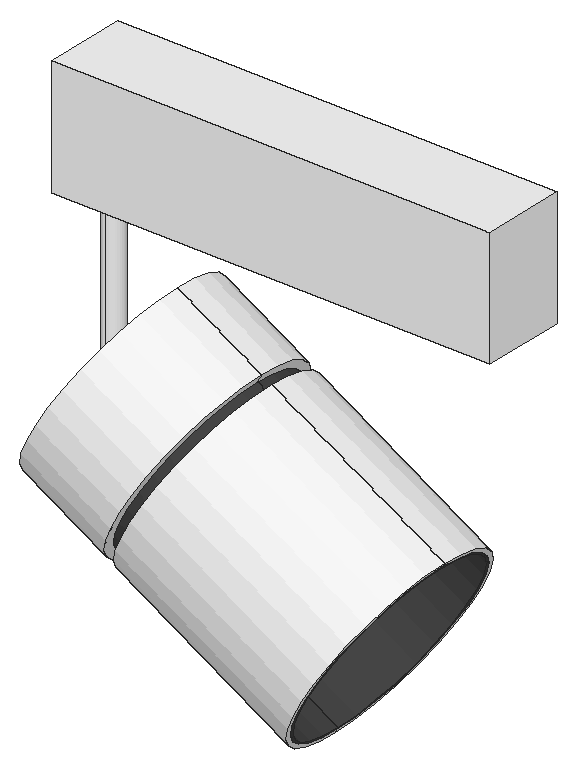
Revit family "Lighting-Track-Reggiani-Yori_95mm-30W", category Apparecchi per illuminazione, Revit 2015
Parameters (values of type "Reggiani Yori TD97 white 30 w")
  youtube = ""
  control = "Ø. = ON/OFF, D. = DALI, V. = DIMM 1-10V, T"
  Youtube clip = ""
  Weight Net (Kg) = 1.17
  Wattage = 18.6277 W
  Uniclass 2.0 Description = ""
  Uniclass 2.0 Code = ""
  Uniclass 1.4 Description = ""
  Uniclass 1.4 Code = ""
  URL to photometrics = "http://bimobject.com/en/product/downloadobjectfile?id=6dccf963-f2ee-479d-8802-8121c090509a"
  UNSPSC name = "Lighting Fixtures and Accessories"
  UNSPSC Code = "3911"
  Technical description = "http://www.reggiani.net/wp-content/plugins/icon-catalog/icon-catalog-assets/1/3/gen_file_20/yori_track.pdf"
  Region South America = "None"
  Region Oceania = "None"
  Region North America = "AG, AI, AN, AW, BB, BL, BM, BQ, BS, BZ, CA, CR, CU, CW, DM, DO, GD, GL, GP, GT, HN, HT, JM, KN, KY, LC, MF, MQ, MS, MX, NI, PA, PM, PR, SV, SX, TC, TT, US, VC, VG, VI"
  Region Middle East = "None"
  Region Europe = "AD, AL, AT, AX, BA, BE, BG, BY, CH, CS, CY, CZ, DE, DK, EE, ES, FI, FO, FR, GB, GG, GI, GR, HR, HU, IE, IM, IS, IT, JE, LI, LT, LU, LV, MC, MD, ME, MK, MT, NL, NO, PL, PT, RO, RS, RU, SE, SI, SJ, SK, SM, UA, VA, XK"
  Region Asia = "None"
  Region Antarctica = "None"
  Region Africa = "None"
  QR code = "http://bimobject.com/reggiani/product/yori_track_95"
  Product group = "Yori"
  Product family = "Track fixture"
  Product data url = "http://bimobject.com/reggiani/product/yori_track_95"
  Product certification = ""
  Product SKU = "yori_track_95"
  Product Guid = "6c2995b9-41c6-4809-92bb-273245acc23c"
  Nominal width = 95
  Nominal height = 135
  NBS Reference Description = ""
  NBS Reference Code = ""
  Material secondary = "Glass"
  Material main = "Aluminium"
  Manufacturer name = "Reggiani"
  Manufacturer country = "Italy"
  Installation instructions = "http://www.reggiani.net/wp-content/plugins/icon-catalog/icon-catalog-assets/1/3/gen_file_8/yori_track.pdf"
  IFC Classification = "Light Fixture"
  Edition number = 1
  EAN code = ""
  Variazione temperatura colore lampada con luminosità attenuata = <Nessuno>
  Url Photometric = ""
  URL = "http://www.reggiani.net/en/catalog-search/?searchfor=Yori&type=product&lang=en"
  built-in parameter 1150107 = 3000 (stored number, unit not read)
  Rotation Photometric [instance] = Rotation  # 30.00°
  Ring = Reggiani Nero
  Produttore = "Reggiani illuminazione spa"
  built-in parameter 1150110 = 1 (stored number, unit not read)
  built-in parameter 1150109 = 1 (stored number, unit not read)
  Design country = "Italy"
  Date of publishing = "2015-10-01"
  COBIe Type Category = ""
  built-in parameter 1114218 = 1 (stored number, unit not read)
  built-in parameter 1150112 = 1 (stored number, unit not read)
  Modello = "Reggiani Yori  TD 97"
  built-in parameter 1150137 = (empty or 0)
  built-in parameter 1150132 = 2
  Lens frame = Reggiani Nero
  Lampada = "Led"
  built-in parameter 1150105 = 18404.9 (stored number, unit not read)
  built-in parameter 1150102 = (empty or 0)
  built-in parameter 1150106 = 184.05 (stored number, unit not read)
  Home Company = "http://www.reggiani.net/en/?lang=en"
  Lumens = 2767 lm
  Color Filter = 16777215
  File diagramma fotometrico = "TD97B_HW_30W_15degrees beam_LED 2767lm_2700K_cri 90.ies"
  built-in parameter 1114217 = 1 (stored number, unit not read)
  built-in parameter 1150139 = (empty or 0)
  built-in parameter 1150104 = 13.8 (stored number, unit not read)
  Docking up = Reggiani Bianco
  Docking = Reggiani Bianco
  built-in parameter 1150115 = 1 (stored number, unit not read)
  built-in parameter 1150114 = 1 (stored number, unit not read)
  built-in parameter 1150113 = 1 (stored number, unit not read)
  Descrizione = "Minimalism and rigour in the service of functionality, Yori is a high performance luminaire with a compact footprint. Two simple bodies combined by a simple joint allow the optical section to be adjusted. Yori is designed for the most innovative LED and metal halide lamps, and is configured for mounting on tracks, inside channels, recessed, onto surfaces and inside grooves in ceilings, thanks to the new versi ..."
  Data Sheet = "http://www.reggiani.net/wp-content/plugins/icon-catalog/icon-catalog-assets/1/3/gen_file_20/yori_track.pdf"
  built-in parameter 1150134 = (empty or 0)
  built-in parameter 1150138 = (empty or 0)
  Box internal = Reggiani Nero
  Box closed = Reggiani Bianco
  Rotation [instance] = 30.00°
  Lens = Lente Yori polic trasparente
  Angolo inclinazione = 90.00°
  BIMobject category = "Lighting"
  built-in parameter 1150133 = 10 (stored number, unit not read)
Types (3, lengths in mm): name | UNSPSC name | built-in parameter 1150107 | Rotation Photometric | built-in parameter 1150105 | built-in parameter 1150106 | Docking up | Docking | Box closed | Rotation
  (no name) | "Lighting Fixtures and Accessories" | 3000 (stored number, unit not read) | 30.00° | 18404.9 (stored number, unit not read) | 184.05 (stored number, unit not read) | Reggiani Bianco | Reggiani Bianco | Reggiani Bianco | 30.00°
  Reggiani Yori TD97 white 30 w | "Lighting Fixtures and Accessories" | 3000 (stored number, unit not read) | 30.00° | 18404.9 (stored number, unit not read) | 184.05 (stored number, unit not read) | Reggiani Bianco | Reggiani Bianco | Reggiani Bianco | 30.00°
  Reggiani Yori TD97 Black  30w | "" | 2700 (stored number, unit not read) | 50.00° | 220.19 (stored number, unit not read) | 2.2019 (stored number, unit not read) | Reggiani Nero | Reggiani Nero | Reggiani Nero | 50.00°
Reference planes
  plane 1 "Asse sorgente illuminazione (F/B)": y = 0
  plane 2: z = 0
  plane 3 "Asse sorgente illuminazione (L/R)": x = 0
  plane 4 "Prospetto sorgente di illuminazione": z = 1370.201
Forms (mm)
  Revolve 1, solid, material "Reggiani Bianco" <- "Box closed"
    sketch origin (-64.396, 0, 1377.53) x (0.866025, 0, -0.5) y (0.5, 0, 0.866025)
      loop
        line (30, -45.5) -> (30, -47.5) -> (72.098, -47.5) -> (72.098, -43.5) -> (71, -43.5) -> (71, -45.5) -> (30, -45.5)
      loop
        line (76.948, -43.5) -> (76.948, -47.5) -> (163.3, -47.5) -> (163.3, -45.5) -> (78, -45.5) -> (78, -43.5) -> (76.948, -43.5)
      axis (30, 0) -> (163.3, 0)
    angle from 0 to 360
  Revolve 2, solid, material "Lente Yori polic trasparente" <- "Lens"
    sketch origin (-21.543, 0, 1352.789) x (0.866025, 0, -0.5) y (0.5, 0, 0.866025)
      loop
        line (88.934, 0) -> (88.934, -44.575) -> (90, -44.575) -> (90, 0) -> (88.934, 0)
      axis (88.934, 0) -> (90, 0)
    angle from 0 to 360
  Revolve 3, solid, material "Reggiani Bianco" <- "Box closed"
    sketch origin (-38.415, 0, 1362.53) x (0.866025, 0, -0.5) y (0.5, 0, 0.866025)
      loop
        line (0, 0) -> (0, -45.519) -> (1.932, -45.519) -> (1.932, 0) -> (0, 0)
      axis (1.932, 0) -> (0, 0)
    angle from 0 to 360
  Revolve 4, solid, material "Reggiani Nero" <- "Box internal"
    sketch origin (-38.415, 0, 1362.53) x (0.866025, 0, -0.5) y (0.5, 0, 0.866025)
      loop
        line (48, -44.654) -> (48, -45.53) -> (133.3, -45.53) -> (133.3, -44.654) -> (48, -44.654)
      axis (48, 0) -> (133.3, 0)
    angle from 0 to 360
  Revolve 5, solid, material "Reggiani Nero" <- "Lens frame"
    sketch origin (2.454, 0, 1338.934) x (0.866025, 0, -0.5) y (0.5, 0, 0.866025)
      loop
        line (62.29, -44.662) -> (63.29, -44.662) -> (63.29, -36.382) -> (62.29, -36.382) -> (62.29, -44.662)
      axis (62.29, 0) -> (63.29, 0)
    angle from 0 to 360
  Revolve 6, solid, material "Reggiani Nero" <- "Ring"
    sketch origin (-38.415, 0, 1362.53) x (0.866025, 0, -0.5) y (0.5, 0, 0.866025)
      loop
        line (46.948, -40.997) -> (42.098, -40.997) -> (42.098, -43.502) -> (46.948, -43.502) -> (46.948, -40.997)
      axis (42.098, 0) -> (46.948, 0)
    angle from 0 to 360
  Extrusion 7, solid, material "Reggiani Bianco" <- "Docking up"
    sketch origin (-26.586, -0.185, 38.768) x (1, 0.000993, 0) y (0, 0, 1)
      loop
        line (-28.761, 1395.301) -> (161.239, 1395.301) -> (161.239, 1446.301) -> (-28.761, 1446.301) -> (-28.761, 1395.301)
    from -18.587 to 17.488
  Sweep 8, solid, material "Reggiani Bianco" <- "Docking"
    path origin (-42.392, 0, 1405.295) x (0.766044, 0, -0.642788) y (0.642788, 0, 0.766044)
      loop
        line (-18.756, 22.352) -> (25.512, -30.404) -> (42.647, -16.026)
    profile origin (-42.392, 0, 1400.04) x (0, -1, 0) y (1, 0, 0)
      loop
        circle (0, 0) r 4.5
      loop
        circle (0, 0) r 1.5
Lines and regions (mm)
  reference lines
    curve 1: line (0, 0, 1370.201) -> (658.179, 0, 990.201)
Dimensions and locks
  "Rotation": angle curve 1 to plane 4 "Prospetto sorgente di illuminazione"
  "Rotation Photometric": angle imposter light to plane 4 "Prospetto sorgente di illuminazione"
  aligned and locked: plane 2 to level
Automatic sketch dimensions
  curve 1 to Revolve 2 sketch curve = 25.851 mm  (x2)
  curve 1 to Revolve 2 sketch curve = 70.426 mm
  curve 1 to Revolve 2 sketch curve = 78.982 mm
  Revolve 2 sketch curve to Revolve 2 sketch curve = 1.066 mm
  Revolve 2 sketch curve to Revolve 2 sketch curve = 38.513 mm
  Revolve 2 sketch curve to Revolve 2 sketch curve = 16.706 mm
  curve 1 to Revolve 3 sketch curve = 25.851 mm  (x2)
  Revolve 3 sketch curve to curve 1 = 29.433 mm
  Revolve 3 sketch curve to curve 1 = 71.37 mm
  Revolve 3 sketch curve to Revolve 3 sketch curve = 1.932 mm
  Revolve 3 sketch curve to Revolve 3 sketch curve = 5.07 mm
  Revolve 3 sketch curve to Revolve 3 sketch curve = 10 mm
  curve 1 to Revolve 4 sketch curve = 18.567 mm
  curve 1 to Revolve 4 sketch curve = 71.38 mm
  curve 1 to Revolve 4 sketch curve = 25.851 mm
  Revolve 4 sketch curve to Revolve 4 sketch curve = 85.3 mm
  Revolve 4 sketch curve to Revolve 4 sketch curve = 21 mm
  Revolve 4 sketch curve to Revolve 4 sketch curve = 10 mm
  Revolve 4 sketch curve to Revolve 4 sketch curve = 0.876 mm
  curve 1 to Revolve 5 sketch curve = 62.233 mm
  curve 1 to Revolve 5 sketch curve = 80.049 mm
  curve 1 to Revolve 5 sketch curve = 70.512 mm
  curve 1 to Revolve 5 sketch curve = 25.851 mm
  Revolve 5 sketch curve to Revolve 5 sketch curve = 1 mm
  Revolve 5 sketch curve to Revolve 5 sketch curve = 5 mm
  Revolve 5 sketch curve to Revolve 5 sketch curve = 10 mm
  Sweep 8 sketch curve to profile plane = 0 mm
  profile plane to Sweep 8 sketch curve = 0 mm
  Sweep 8 sketch curve to Sweep 8 sketch curve = 0 mm  (x2)
  Extrusion 7 sketch curve to plane 4 "Prospetto sorgente di illuminazione" = 114.868 mm
  Extrusion 7 sketch curve to plane 4 "Prospetto sorgente di illuminazione" = 63.868 mm
  Extrusion 7 sketch curve to Extrusion 7 sketch curve = 190 mm
  plane 4 "Prospetto sorgente di illuminazione" to Sweep 8 sketch curve = 4.595 mm
  Sweep 8 sketch curve to plane 3 "Asse sorgente illuminazione (L/R)" = 42.392 mm
  Sweep 8 sketch curve to Sweep 8 sketch curve = 44.268 mm
  Sweep 8 sketch curve to Sweep 8 sketch curve = 17.135 mm
  Sweep 8 sketch curve to Sweep 8 sketch curve = 14.378 mm
  Revolve 1 sketch curve to curve 1 = 29.433 mm  (x2)
  Revolve 1 sketch curve to curve 1 = 73.351 mm
  Revolve 1 sketch curve to curve 1 = 71.351 mm
  Revolve 1 sketch curve to curve 1 = 25.851 mm
  curve 1 to Revolve 1 sketch curve = 11.567 mm
  Revolve 1 sketch curve to Revolve 1 sketch curve = 1.098 mm
  Revolve 1 sketch curve to Revolve 1 sketch curve = 4.85 mm
  Revolve 1 sketch curve to Revolve 1 sketch curve = 1.052 mm
  Revolve 1 sketch curve to Revolve 1 sketch curve = 85.3 mm
  Revolve 1 sketch curve to Revolve 1 sketch curve = 42 mm
  Revolve 1 sketch curve to Revolve 1 sketch curve = 0 mm
  Revolve 1 sketch curve to Revolve 1 sketch curve = 2 mm  (x3)
  curve 1 to Revolve 6 sketch curve = 12.665 mm
  Revolve 6 sketch curve to curve 1 = 69.353 mm
  Revolve 6 sketch curve to Revolve 6 sketch curve = 4.85 mm
  curve 1 to Revolve 6 sketch curve = 6.703 mm
  Revolve 6 sketch curve to Revolve 6 sketch curve = 6.617 mm
  Revolve 6 sketch curve to Revolve 6 sketch curve = 2.505 mm
  curve 1 to Revolve 6 sketch curve = 25.851 mm
  curve 1 to plane 3 "Asse sorgente illuminazione (L/R)" = 0 mm
  curve 1 to plane 4 "Prospetto sorgente di illuminazione" = 0 mm
  radius of Sweep 8 sketch curve = 4.5 mm
  radius of Sweep 8 sketch curve = 1.5 mm
